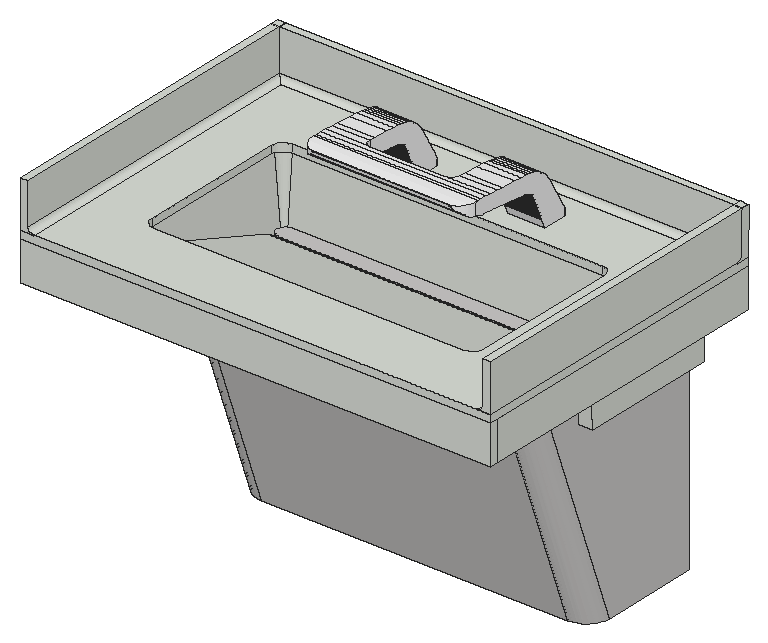
Revit family "Sink-Bradley_Corp-Omnideck_LD-3010_WashBar_Duo_1Basin", category Plumbing Fixtures, Revit 2018
Family settings
  Round Connector Dimension = Use Diameter
  Part Type = Normal
  OmniClass Number = 23.45.00.00
  OmniClass Title = Sanitary, Laundry, and Cleaning Equipment
  Work Plane-Based = No
  Always vertical = Yes
  Cut with Voids When Loaded = No
  Shared = No
  Room Calculation Point = No
Parameters (values of type "Omnideck LD-3010 WashBar Duo 1-Basin")
  Version = "1.0"
  URL = "http://bradleycorp.com"
  SplashRight [instance] = yes
  SplashLeft [instance] = yes
  Splash-Height [instance] = 3"
  Specifications URL = "https://www.bradleycorp.com/3partspec"
  Product Tech Data URL - English = "https://www.bradleycorp.com/mediamanager/view/9268/Bradley_Sink_OmniDeck_LD-3010.pdf"
  Product Page URL = "https://www.bradleycorp.com/product/omnideck-with-washbar-duo"
  OmniClass Table 23 Title = "Sinks/Lavatories"
  OmniClass Table 23 Number = "23.45 05 14 14"
  Model = "Omnideck LD 3010 WB TR1 1-Basin"
  Material-Deck [instance] = Stone - Bradley Corp - Designer White
  MasterFormat Title = "Commercial Lavatories and Sinks"
  MasterFormat Number = "22 42 16"
  Manufacturer Installation URL - English = "https://www.bradleycorp.com/mediamanager/view/9274/Terreon_Lav_Deck,_LD-3010_Series.pdf"
  Manufacturer = "Bradley Corporation"
  LENGTH [instance] = 30"
  HEIGHT [instance] = 33 1/2"
  SplashBack [instance] = yes
  Material-Basin [instance] = Stone - Bradley Corp - Designer White
  Description = "Bradley Omnideck Lavatory LD 3010 WashBar Duo One-Basin"
  DEPTH [instance] = 20 1/2"
  DIST-To-Bowl1 [instance] = 15"
  Copyright = "This Model Data is Property of Bradley Corporation"
  Assembly Code = "D2010400"
  ApronRight [instance] = yes
  ApronLeft [instance] = yes
  ApronFront [instance] = yes
  Apron-Depth [instance] = 3"
Reference planes
  plane 1 "Center (Front/Back)": y = 0
  plane 2: z = 0
  plane 3 "T.O. Deck": z = 850.9
  plane 4 "Deck Thickness": z = 838.2
  plane 5 "F.O.Deck": y = -520.7
  plane 6: z = 363.538
  plane 7 "C.O. BOWL": y = -273.05
  plane 8 "C.O.Bowl1": x = -502.85
  plane 9 "Splash-Height": z = 927.1
  plane 10 "C.O.Faucet-Soap": y = -79.375
  plane 11 "Soap-Left-Bowl2": x = 182.95
  plane 12 "Right-End": x = -121.85
  plane 13 "LEFT-END": x = -883.85
  plane 14: z = 800.1
  plane 15 "B.O. Basin": y = -127
  plane 16: x = -777.487
  plane 17: x = -228.212
  plane 18: x = -232.975
  plane 19: x = -772.725
  plane 20: y = -412.75
  plane 21: y = -133.35
  plane 22 "B.O. Apron": z = 774.7
Forms (mm)
  Extrusion 1, solid, material "Stone - Bradley Corp - Designer White" <- "Material-Deck"
    sketch origin (0, 0, 850.9) x (-1, 0, 0) y (0, -1, 0)
      loop
        line (883.85, 0) -> (883.85, 520.7) -> (121.85, 520.7) -> (121.85, 0) -> (883.85, 0)
    from 0 to -12.7
  Extrusion 2, solid, material "Stone - Bradley Corp - Designer White" <- "Material-Deck", visible <- "ApronFront", detail levels medium+fine
    sketch origin (0, 0, 838.2) x (-1, 0, 0) y (0, -1, 0)
      loop
        line (883.85, 520.7) -> (121.85, 520.7) -> (121.85, 508) -> (883.85, 508) -> (883.85, 520.7)
    from 0 to -63.5
  Extrusion 3, solid, material "Stone - Bradley Corp - Designer White" <- "Material-Deck", visible <- "ApronRight", detail levels medium+fine
    sketch origin (1713.3, 0, 838.2) x (-1, 0, 0) y (0, -1, 0)
      loop
        line (1847.85, 508) -> (1835.15, 508) -> (1835.15, 0) -> (1847.85, 0) -> (1847.85, 508)
    from 0 to -63.5
  Extrusion 4, solid, material "Stone - Bradley Corp - Designer White" <- "Material-Deck", visible <- "ApronLeft", detail levels medium+fine
    sketch origin (-579, 0, 838.2) x (-1, 0, 0) y (0, -1, 0)
      loop
        line (304.85, 508) -> (292.15, 508) -> (292.15, 0) -> (304.85, 0) -> (304.85, 508)
    from 0 to -63.5
  Extrusion 5, solid, material "Stone - Bradley Corp - Designer White" <- "Material-Deck", visible <- "SplashBack"
    sketch origin (-121.85, 0, 0) x (0, 0, -1) y (0, -1, 0)
      loop
        line (-927.1, 12.7) -> (-927.1, 0) -> (-850.9, 0) -> (-850.9, 22.225)
        arc (-850.9, 22.225) -> (-853.69, 15.49) -> (-860.425, 12.7) r 9.525
        line (-860.425, 12.7) -> (-927.1, 12.7)
    from 0 to 762 <- "LENGTH"
  Extrusion 6, solid, material "Stone - Bradley Corp - Designer White" <- "Material-Deck", visible <- "SplashLeft"
    sketch origin (0, 0, 0) x (1, 0, 0) y (0, 0, 1)
      loop
        line (-871.15, 860.425) -> (-871.15, 927.1) -> (-883.85, 927.1) -> (-883.85, 850.9) -> (-861.625, 850.9)
        arc (-861.625, 850.9) -> (-868.36, 853.69) -> (-871.15, 860.425) r 9.525
    from 0 to 520.7 <- "DEPTH"
  Extrusion 7, solid, material "Stone - Bradley Corp - Designer White" <- "Material-Deck", visible <- "SplashRight"
    sketch origin (0, 0, 0) x (1, 0, 0) y (0, 0, 1)
      loop
        line (-134.55, 927.1) -> (-134.55, 860.425)
        arc (-134.55, 860.425) -> (-137.34, 853.69) -> (-144.075, 850.9) r 9.525
        line (-144.075, 850.9) -> (-121.85, 850.9) -> (-121.85, 927.1) -> (-134.55, 927.1)
    from 0 to 520.7 <- "DEPTH"
  Extrusion 8, void
    sketch origin (0, 0, 850.9) x (-1, 0, 0) y (0, -1, 0)
      loop
        arc (251.994, 412.75) -> (238.546, 407.179) -> (232.975, 393.731) r 19.019
        line (232.975, 393.731) -> (232.975, 152.369)
        arc (232.975, 152.369) -> (238.546, 138.921) -> (251.994, 133.35) r 19.019
        line (251.994, 133.35) -> (753.675, 133.35)
        arc (753.675, 133.35) -> (767.123, 138.921) -> (772.725, 152.369) r 19.019
        line (772.725, 152.369) -> (772.694, 393.731)
        arc (772.694, 393.731) -> (767.123, 407.179) -> (753.675, 412.75) r 19.019
        line (753.675, 412.75) -> (251.994, 412.75)
    from 0 to -12.7
Cuts and joins
  Extrusion 8 cuts Extrusion 1
Dimensions and locks
  "HEIGHT": plane 3 "T.O. Deck" to level
  locked: plane 3 "T.O. Deck" to plane 4 "Deck Thickness" at 12.7
  "DEPTH": plane 5 "F.O.Deck" to plane 1 "Center (Front/Back)"
  plane 3 "T.O. Deck" to plane 6 = 19 3/16"  (x2)
  locked: plane 7 "C.O. BOWL" to plane 1 "Center (Front/Back)" at 273.05
  "Splash-Height": plane 9 "Splash-Height" to plane 3 "T.O. Deck"
  locked: plane 1 "Center (Front/Back)" to plane 10 "C.O.Faucet-Soap" at 79.375
  locked: plane 3 "T.O. Deck" to plane 14 at 50.8
  plane 16 to plane 8 "C.O.Bowl1" to plane 17 = 10 13/16", 10 13/16"
  "LENGTH": plane 13 "LEFT-END" to plane 12 "Right-End"
  "DIST-To-Bowl1": plane 13 "LEFT-END" to plane 8 "C.O.Bowl1"
  locked: plane 15 "B.O. Basin" to plane 1 "Center (Front/Back)" at 127
  plane 16 to plane 17 = 21 5/8"
  locked: plane 20 to plane 1 "Center (Front/Back)" at 412.75
  plane 8 "C.O.Bowl1" to Extrusion 8 sketch curve = 10 5/8"
  locked: Extrusion 8 to plane 8 "C.O.Bowl1" at 269.875
  locked: plane 8 "C.O.Bowl1" to Extrusion 8 at 269.875
  "Apron-Depth": plane 3 "T.O. Deck" to plane 22 "B.O. Apron"
  aligned and locked: level to plane 2
  aligned and locked: Extrusion 1 sketch curve to plane 5 "F.O.Deck"
  aligned and locked: Extrusion 1 to plane 4 "Deck Thickness"
  aligned and locked: Extrusion 1 to plane 1 "Center (Front/Back)"
  aligned and locked: plane 12 "Right-End" to Extrusion 1 sketch curve
  aligned and locked: Extrusion 2 sketch curve to plane 12 "Right-End"
  aligned and locked: plane 13 "LEFT-END" to Extrusion 2
  aligned and locked: Extrusion 6 sketch curve to plane 9 "Splash-Height"
  aligned and locked: Extrusion 7 sketch curve to plane 9 "Splash-Height"
  aligned and locked: nested 1 to plane 8 "C.O.Bowl1"
  aligned and locked: plane 1 "Center (Front/Back)" to nested 1
  aligned and locked: nested 2 to plane 8 "C.O.Bowl1"
  aligned and locked: plane 4 "Deck Thickness" to nested 2
  aligned and locked: plane 6 to nested 1
  aligned and locked: plane 5 "F.O.Deck" to Extrusion 2
  aligned and locked: plane 22 "B.O. Apron" to Extrusion 2  (x2)
  aligned and locked: Extrusion 3 to plane 22 "B.O. Apron"
  aligned and locked: Extrusion 4 to plane 22 "B.O. Apron"
  aligned and locked: plane 8 "C.O.Bowl1" to nested 3
  aligned and locked: nested 3 to plane 10 "C.O.Faucet-Soap"
  aligned and locked: plane 3 "T.O. Deck" to nested 3
Automatic sketch dimensions
  Extrusion 1 sketch curve to plane 13 "LEFT-END" = 0"
  plane 1 "Center (Front/Back)" to Extrusion 1 sketch curve = 0"
  Extrusion 2 sketch curve to plane 13 "LEFT-END" = 0"
  plane 5 "F.O.Deck" to Extrusion 2 sketch curve = 0"
  Extrusion 2 sketch curve to plane 5 "F.O.Deck" = 1/2"
  Extrusion 3 sketch curve to plane 12 "Right-End" = 0"
  plane 1 "Center (Front/Back)" to Extrusion 3 sketch curve = 0"
  Extrusion 3 sketch curve to Extrusion 3 sketch curve = 1/2"
  Extrusion 3 sketch curve to plane 5 "F.O.Deck" = 1/2"
  plane 1 "Center (Front/Back)" to Extrusion 4 sketch curve = 0"
  Extrusion 4 sketch curve to plane 13 "LEFT-END" = 0"
  Extrusion 4 sketch curve to plane 13 "LEFT-END" = 1/2"
  Extrusion 4 sketch curve to plane 5 "F.O.Deck" = 1/2"
  plane 13 "LEFT-END" to Extrusion 6 sketch curve = 0"
  Extrusion 6 sketch curve to plane 13 "LEFT-END" = 1/2"
  Extrusion 6 sketch curve to Extrusion 6 sketch curve = 3/8"
  Extrusion 5 sketch curve to plane 1 "Center (Front/Back)" = 0"
  Extrusion 5 sketch curve to plane 9 "Splash-Height" = 0"
  Extrusion 5 sketch curve to plane 3 "T.O. Deck" = 0"
  plane 3 "T.O. Deck" to Extrusion 5 sketch curve = 3/8"
  plane 1 "Center (Front/Back)" to Extrusion 5 sketch curve = 1/2"
  plane 12 "Right-End" to Extrusion 7 sketch curve = 0"
  plane 3 "T.O. Deck" to Extrusion 7 sketch curve = 3/8"
  plane 12 "Right-End" to Extrusion 7 sketch curve = 7/8"
  Extrusion 6 sketch curve to plane 3 "T.O. Deck" = 0"
  Extrusion 7 sketch curve to plane 3 "T.O. Deck" = 0"
  plane 20 to Extrusion 8 sketch curve = 0"
  plane 21 to Extrusion 8 sketch curve = 0"
  Extrusion 8 sketch curve to plane 19 = 0"
  plane 18 to Extrusion 8 sketch curve = 0.74878"  (x2)
  Extrusion 8 sketch curve to plane 19 = 3/4"
  Extrusion 8 sketch curve to Extrusion 8 sketch curve = 3/4"
  Extrusion 8 sketch curve to Extrusion 8 sketch curve = 0.74878"  (x2)
  Extrusion 8 sketch curve to Extrusion 8 sketch curve = 0"  (x2)
Nested families
  nested 1: "Access-Panel-LD5010" at (-502.85, 0, 810.323), type "Access-Panel-LD5010"
  nested 2: "Basin-Bradley_Corp-Omnideck-WashBar-LD5010" at (-437.762, 0, 0), Basin Material <- "Material-Basin", type "LVQ-1", detail levels medium+fine
    with Height 33 1/2", Basin Material Stone - Bradley Corp - Designer White
  nested 3: "Faucet-Soap-Bradley_Corp-WashBar_Duo" at (-502.85, -55.575, 850.9), type "WashBar Duo"
Definition of nested family "Access-Panel-LD5010"
  Reference planes
    plane 1 "Center (Front/Back)": y = 0
    plane 2 "T.O. Access Panel": z = 0
    plane 3 "Center (Left/Right)": x = 0
    plane 4 "B.O. Access Panel": z = -446.786
    plane 5: through (0, -339.048, 0) normal (0, 0.9397, 0.342)
    plane 6 "Bottom Perimeter": y = -198.374
    plane 7 "Top Perimeter": y = -348.488
    plane 8 "Inside-Left": x = -252.73
    plane 9 "Inside-Right": x = 252.73
    plane 10: x = -285.369
    plane 11: x = 285.369
    plane 12: z = -33.528
    plane 13: y = 214.884
    plane 14 "top edge": y = -360.667
  Forms (mm)
    Blend 1, solid
      base sketch origin (0, 0, -446.786) x (0, -1, 0) y (1, 0, 0)
        loop
          arc (195.834, -247.269) -> (185.419, -272.414) -> (160.274, -282.829) r 35.56
          line (160.274, -282.829) -> (0, -282.829) -> (0, -285.369) -> (160.274, -285.369)
          arc (160.274, -285.369) -> (187.215, -274.21) -> (198.374, -247.269) r 38.1
          line (198.374, -247.269) -> (198.374, 247.269)
          arc (198.374, 247.269) -> (187.215, 274.21) -> (160.274, 285.369) r 38.1
          line (160.274, 285.369) -> (0, 285.369) -> (0, 282.829) -> (160.274, 282.829)
          arc (160.274, 282.829) -> (185.419, 272.414) -> (195.834, 247.269) r 35.56
          line (195.834, 247.269) -> (195.834, -247.269)
      top sketch origin (0, 0, 0) x (1, 0, 0) y (0, 1, 0)
        loop
          arc (247.269, -360.667) -> (274.21, -349.508) -> (285.369, -322.567) r 38.1
          line (285.369, -322.567) -> (285.369, 0) -> (282.829, 0) -> (282.829, -322.567)
          arc (282.829, -322.567) -> (272.414, -347.712) -> (247.269, -358.127) r 35.56
          line (247.269, -358.127) -> (-247.269, -358.127)
          arc (-247.269, -358.127) -> (-272.414, -347.712) -> (-282.829, -322.567) r 35.56
          line (-282.829, -322.567) -> (-282.829, 0) -> (-285.369, 0) -> (-285.369, -322.567)
          arc (-285.369, -322.567) -> (-274.21, -349.508) -> (-247.269, -360.667) r 38.1
          line (-247.269, -360.667) -> (247.269, -360.667)
      from 0 to 0
    Extrusion 2, void
      sketch origin (0, 0, 0) x (0, 1, 0) y (0, 0, 1)
        loop
          arc (-368.237, -44.643) -> (-286.598, -9.794) -> (-198.374, 0) r 304.142
          line (-198.374, 0) -> (-198.374, 19.05) -> (-368.237, 19.05) -> (-368.237, -44.643)
      from -304.8 to 304.8
  Cuts and joins
    Extrusion 2 cuts Blend 1
  Lines and regions (mm)
    Masking region 1
      outline origin (0, 0, 0) x (1, 0, 0) y (0, 0, 1)
        loop
          line (252.73, 0) -> (-252.73, 0) -> (-252.73, -446.786) -> (252.73, -446.786) -> (252.73, 0)
    Masking region 2
      outline origin (0, 0, 0) x (0, 1, 0) y (0, 0, 1)
        loop
          line (0, -446.786) -> (0, 0) -> (-339.048, 0) -> (-178.598, -446.786) -> (0, -446.786)
    symbolic lines
      curve 1: line (0, -198.374, -446.786) -> (0, -360.667, 0)
  Dimensions and locks
    plane 10 to plane 3 "Center (Left/Right)" to plane 11 = 11.235", 11.235"
    plane 10 to plane 11 = 22.47"
    plane 6 "Bottom Perimeter" to plane 1 "Center (Front/Back)" = 7.81"
    plane 7 "Top Perimeter" to plane 1 "Center (Front/Back)" = 13.72"
    level to plane 4 "B.O. Access Panel" = 17.59"
    plane 12 to plane 4 "B.O. Access Panel" = 16.27"
    aligned and locked: plane 2 "T.O. Access Panel" to level
    aligned and locked: Masking region 2 to plane 4 "B.O. Access Panel"
    aligned and locked: Masking region 1 to plane 4 "B.O. Access Panel"
Definition of nested family "Basin-Bradley_Corp-Omnideck-WashBar-LD5010"
  Parameters (values of type "LVQ-1")
    Warranty Information = ""
    Version = "1.0"
    URL = "http://bradleycorp.com"
    Specifications URL = "https://www.bradleycorp.com/3partspec"
    Product Tech Data URL - English = "https://www.bradleycorp.com/download/4754/Bradley_Sink_Verge_LVQD1.pdf"
    Product Page URL = "http://info.bradleycorp.com/verge-washbar"
    OmniClass Table 23 Title = "Sink/Lavatories"
    OmniClass Table 23 Number = "23-31 13 00"
    OmniClass Table 21 Title = "Plumbing Fixtures"
    OmniClass Table 21 Number = "21-04 20 10 60"
    Model = "LVQD1"
    MasterFormat Title = "Commercial Lavatories and Sinks"
    MasterFormat Number = "22 42 16"
    Manufacturer Revit Model URL = ""
    Manufacturer Installation URL - English = ""
    Manufacturer = "Bradley Corporation"
    Length = 30"
    Installation Type = "Wall Hung"
    Height [instance] = 33 1/2"
    Description = "Verge™ Lavatory System w/Washbar Technology – LVQ Series, One Station"
    Depth = 21"
    Copyright = "This Model Data is Property of Bradley Corporation"
    Basin Material [instance] = none
    Assembly Code = "D2010300"
    ADA Compliant = yes
  Reference planes
    plane 1 "Center (Front/Back)": y = 0
    plane 2: z = 0
    plane 3 "Center (Left/Right)": x = -6.35
    plane 4: x = -381
    plane 5: x = 381
    plane 6 "T.O. Lav Deck": z = 850.9
    plane 7: y = -533.4
    plane 8 "B.O. Basin": y = -127
    plane 9: y = -69.85
    plane 10 "B.O. Bowl": z = 628.65
    plane 11 "Mid-Basin": y = -338.293
    plane 12 "B.O. Deck": z = 755.65
    plane 13: x = -339.725
    plane 14: x = 339.725
    plane 15: z = 342.9
    plane 16: through (358.886, -6.269, 1219.2) normal (0.9959, -0.0902, 0)
    plane 17: through (-331.911, -304.093, 1219.2) normal (-0.9959, -0.0902, 0)
    plane 18: z = 673.72
    plane 19 "Access Panel Side": through (325.941, -370.004, 1219.2) normal (0.0902, 0.9959, 0)
    plane 20 "Drain Strip-Bottom": z = 713.126
    plane 21 "Drain Strip-Top": z = 732.99
    plane 22: x = 209.55
    plane 23: x = 250.825
    plane 24: x = -65.087
  Forms (mm)
    Extrusion 1, void
      sketch origin (-6.35, 0, 0) x (0, 1, 0) y (0, 0, 1)
        loop
          line (-408.046, 820.041) -> (-169.423, 732.99)
          arc (-169.423, 732.99) -> (-167.965, 731.914) -> (-167.333, 730.215) r 3.175
          line (-167.333, 730.215) -> (-166.138, 713.126) -> (-139.054, 713.126) -> (-127.254, 847.995)
          arc (-127.254, 847.995) -> (-127.072, 848.818) -> (-126.679, 849.564) r 3.175
          arc (-126.679, 849.564) -> (-125.947, 850.347) -> (-125.029, 850.9) r 3.893
          line (-125.029, 850.9) -> (-421.71, 850.9)
          arc (-421.71, 850.9) -> (-420.703, 850.54) -> (-420.153, 849.622) r 1.588
          line (-420.153, 849.622) -> (-417.881, 838.2) -> (-416.149, 829.495)
          arc (-416.149, 829.495) -> (-413.335, 823.707) -> (-408.046, 820.041) r 12.7
      from 209.55 to -339.725
    Extrusion 2, solid, material <- "Basin Material"
      sketch origin (-6.35, 0, 0) x (0, 1, 0) y (0, 0, 1)
        loop
          line (-303.644, 755.65) -> (-296.71, 736.6) -> (-230.339, 736.6) -> (-224.838, 673.72) -> (0, 673.72) -> (0, 838.2) -> (-455.981, 838.2) -> (-455.13, 828.476)
          arc (-455.13, 828.476) -> (-454.258, 826.372) -> (-452.154, 825.5) r 2.976
          line (-452.154, 825.5) -> (-442.096, 825.5) -> (-438.272, 825.5)
          arc (-438.272, 825.5) -> (-433.142, 824.001) -> (-429.627, 819.974) r 9.525
          arc (-429.627, 819.974) -> (-423.03, 810.934) -> (-413.466, 805.12) r 28.575
          line (-413.466, 805.12) -> (-349.705, 781.914)
          arc (-349.705, 781.914) -> (-347.387, 780.438) -> (-345.91, 778.119) r 6.35
          line (-345.91, 778.119) -> (-337.732, 755.65) -> (-303.644, 755.65)
      from 250.825 to -355.6
    Extrusion 3, solid
      sketch origin (0, 0, 732.99) x (0, -1, 0) y (1, 0, 0)
        loop
          arc (165.856, 181.191) -> (152.309, 194.738) -> (138.763, 181.191) r 13.546
          line (138.763, 181.191) -> (138.763, -311.366)
          arc (138.763, -311.366) -> (152.309, -324.913) -> (165.856, -311.366) r 13.546
          line (165.856, -311.366) -> (165.856, 181.191)
      from 0 to -9.525
    Sweep 4, solid, material <- "Basin Material"
      path origin (0, 0, 850.9) x (-1, 0, 0) y (0, -1, 0)
        loop
          arc (320.675, 125.029) -> (334.145, 130.609) -> (339.725, 144.079) r 19.05
          line (339.725, 144.079) -> (339.725, 401.913)
          arc (339.725, 401.913) -> (334.145, 415.383) -> (320.675, 420.963) r 19.05
      profile "Inner-Bowl-Surface : Inner-Bowl-Surface" origin (-334.145, -130.609, 850.9) x (0.707107, -0.707107, 0) y (0, 0, 1)
        loop
          line (14.025, -137.774) -> (3.082, -12.7) -> (-8.043, -12.7) -> (-8.043, -137.774) -> (14.025, -137.774)
    Extrusion 5, void
      sketch origin (30.588, -337.712, 0) x (0.995923, 0.090206, 0) y (0, 0, -1)
        loop
          line (-334.704, -666.251) -> (-375.446, -655.793) -> (-400.724, -754.265) -> (-357.297, -754.265) -> (-334.704, -666.251)
      from 381 to -139.035
    Extrusion 6, void
      sketch origin (-160.763, -337.712, 0) x (-0.995923, 0.090206, 0) y (0, 0, 1)
        loop
          line (-334.704, 666.251) -> (-357.297, 754.265) -> (-400.724, 754.265) -> (-375.446, 655.793) -> (-334.704, 666.251)
      from 381 to -139.035
    Sweep 7, solid, material <- "Basin Material"
      path origin (-130.175, 0, 850.9) x (1, 0, 0) y (0, -1, 0)
        loop
          arc (320.675, 125.029) -> (334.145, 130.609) -> (339.725, 144.079) r 19.05
          line (339.725, 144.079) -> (339.725, 401.913)
          arc (339.725, 401.913) -> (334.145, 415.383) -> (320.675, 420.963) r 19.05
      profile "Inner-Bowl-Surface : Inner-Bowl-Surface" origin (203.97, -130.609, 850.9) x (0.707107, 0.707107, 0) y (0, 0, 1)
        loop
          line (-14.025, -137.774) -> (8.043, -137.774) -> (8.043, -12.7) -> (-3.082, -12.7) -> (-14.025, -137.774)
    Extrusion 8, void
      sketch origin (-6.35, 0, 0) x (0, 1, 0) y (0, 0, 1)
        loop
          line (-429.005, 818.712) -> (-429.005, 754.265) -> (-337.228, 754.265) -> (-345.91, 778.119)
          arc (-345.91, 778.119) -> (-347.387, 780.438) -> (-349.705, 781.914) r 6.35
          line (-349.705, 781.914) -> (-413.466, 805.12)
          arc (-413.466, 805.12) -> (-422.506, 810.464) -> (-429.005, 818.712) r 28.575
      from -355.6 to -228.6
    Extrusion 9, void
      sketch origin (-123.825, 0, 0) x (0, 1, 0) y (0, 0, -1)
        loop
          arc (-429.005, -818.712) -> (-422.506, -810.464) -> (-413.466, -805.12) r 28.575
          line (-413.466, -805.12) -> (-349.705, -781.914)
          arc (-349.705, -781.914) -> (-347.387, -780.438) -> (-345.91, -778.119) r 6.35
          line (-345.91, -778.119) -> (-337.228, -754.265) -> (-429.005, -754.265) -> (-429.005, -818.712)
      from -355.6 to -228.6
  Cuts and joins
    Extrusion 1, Extrusion 9 cuts Extrusion 2
    Extrusion 5, Extrusion 8, Extrusion 9 cuts Sweep 4
    Extrusion 6, Extrusion 9 cuts Sweep 7
    joined: Extrusion 2, Sweep 4, Sweep 7
  Lines and regions (mm)
    symbolic lines
      curve 1: line (-111.125, -125.029, 732.99) -> (111.125, -125.029, 732.99)
      curve 2: line (-327.438, -169.418, 732.99) -> (-337.148, -474.345, 732.99)
      curve 3: arc (-311.366, -138.763, 732.99) -> (-324.913, -152.309, 732.99) -> (-311.366, -165.856, 732.99) r 13.546
      curve 4: arc (-320.675, -139.054, 732.99) -> (-324.229, -140.526, 732.99) -> (-325.7, -144.079, 732.99) r 5.025
      curve 5: line (-325.7, -144.079, 732.99) -> (-325.7, -166.138, 732.99)
      curve 6: line (-325.7, -166.138, 732.99) -> (-327.196, -167.333, 732.99)
      curve 7: spline (-327.196, -167.333, 732.99) -> (-327.222, -167.367, 732.99) -> (-327.248, -167.431, 732.99) -> (-327.274, -167.524, 732.99) -> (-327.298, -167.644, 732.99) -> (-327.322, -167.79, 732.99) -> (-327.344, -167.962, 732.99) -> (-327.364, -168.157, 732.99) -> (-327.383, -168.375, 732.99) -> (-327.4, -168.612, 732.99) -> (-327.415, -168.866, 732.99) -> (-327.428, -169.136, 732.99) -> (-327.438, -169.418, 732.99)
      curve 8: line (-171.45, -139.054, 732.99) -> (-320.675, -139.054, 732.99)
      curve 9: line (-171.45, -166.138, 732.99) -> (-325.7, -166.138, 732.99)
      curve 10: line (111.125, -139.054, 732.99) -> (-111.125, -139.054, 732.99)
      curve 11: line (111.125, -166.138, 732.99) -> (-111.125, -166.138, 732.99)
  Dimensions and locks
    "Length": plane 4 to plane 5
    plane 6 "T.O. Lav Deck" to plane 2 = 33 1/2"
    "Depth": plane 7 to plane 1 "Center (Front/Back)"
    locked: plane 8 "B.O. Basin" to plane 1 "Center (Front/Back)" at 127
    locked: plane 9 to plane 1 "Center (Front/Back)" at 69.85
    plane 6 "T.O. Lav Deck" to plane 10 "B.O. Bowl" = 8 3/4"
    locked: plane 6 "T.O. Lav Deck" to plane 12 "B.O. Deck" at 95.25
    locked: plane 6 "T.O. Lav Deck" to plane 10 "B.O. Bowl" at 222.25
    locked: plane 13 to plane 14 at 679.45
    locked: plane 6 "T.O. Lav Deck" to plane 15 at 508
    locked: plane 6 "T.O. Lav Deck" to plane 21 "Drain Strip-Top" at 117.91
    plane 13 to plane 22 = 21 5/8"
    plane 3 "Center (Left/Right)" to plane 23 = 10 1/8"
    equal spacing: plane 13, plane 24, plane 22
    cut or joined group of Extrusion 1, Extrusion 2, Sweep 4, Extrusion 5, Extrusion 6, Sweep 7, Extrusion 8, Extrusion 9 to plane 8 "B.O. Basin" = 11.452"
    aligned and locked: level to plane 2
  Automatic sketch dimensions
    Extrusion 1 sketch curve to plane 6 "T.O. Lav Deck" = 0"  (x2)
    Extrusion 1 sketch curve to plane 21 "Drain Strip-Top" = 0"
    Extrusion 1 sketch curve to plane 20 "Drain Strip-Bottom" = 0"
    Extrusion 1 sketch curve to plane 6 "T.O. Lav Deck" = 1/16"
    Extrusion 1 sketch curve to plane 11 "Mid-Basin" = 3.28412"
    Extrusion 1 sketch curve to plane 6 "T.O. Lav Deck" = 0.05031"
    Extrusion 1 sketch curve to plane 6 "T.O. Lav Deck" = 1/2"
    Extrusion 1 sketch curve to Extrusion 1 sketch curve = 0.08945"
    Extrusion 1 sketch curve to plane 6 "T.O. Lav Deck" = 0.84273"
    Extrusion 1 sketch curve to Extrusion 1 sketch curve = 0.06817"
    Extrusion 1 sketch curve to plane 6 "T.O. Lav Deck" = 1.21491"
    Extrusion 1 sketch curve to Extrusion 1 sketch curve = 0.31904"
    Extrusion 1 sketch curve to Extrusion 1 sketch curve = 0.17136"
    Extrusion 1 sketch curve to plane 21 "Drain Strip-Top" = 0.11758"
    plane 8 "B.O. Basin" to Extrusion 1 sketch curve = 1.71261"
    Extrusion 1 sketch curve to Extrusion 1 sketch curve = 0.04243"
    Extrusion 1 sketch curve to plane 21 "Drain Strip-Top" = 0.10923"
    Extrusion 1 sketch curve to Extrusion 1 sketch curve = 0.04705"
    plane 8 "B.O. Basin" to Extrusion 1 sketch curve = 0.47455"
    plane 8 "B.O. Basin" to Extrusion 1 sketch curve = 0.01001"
    Extrusion 1 sketch curve to plane 8 "B.O. Basin" = 0.07759"
    Extrusion 1 sketch curve to plane 8 "B.O. Basin" = 0.11454"
    Extrusion 1 sketch curve to Extrusion 1 sketch curve = 0.02338"
    Extrusion 1 sketch curve to plane 6 "T.O. Lav Deck" = 0.14089"
    Extrusion 1 sketch curve to Extrusion 1 sketch curve = 0.01589"
    Extrusion 1 sketch curve to Extrusion 1 sketch curve = 0.01063"
    Extrusion 1 sketch curve to Extrusion 1 sketch curve = 0"
    Extrusion 2 sketch curve to plane 12 "B.O. Deck" = 0"
    Extrusion 2 sketch curve to plane 18 = 0"
    Extrusion 2 sketch curve to plane 1 "Center (Front/Back)" = 0"
    plane 8 "B.O. Basin" to Extrusion 2 sketch curve = 3.85189"
    plane 21 "Drain Strip-Top" to Extrusion 2 sketch curve = 0.14213"
    Extrusion 2 sketch curve to Extrusion 2 sketch curve = 0.21658"
    plane 11 "Mid-Basin" to Extrusion 2 sketch curve = 1.63712"
    Extrusion 2 sketch curve to Extrusion 2 sketch curve = 0.27298"
    plane 11 "Mid-Basin" to Extrusion 2 sketch curve = 0.02211"
    Extrusion 2 sketch curve to plane 11 "Mid-Basin" = 0.29987"
    Extrusion 2 sketch curve to Extrusion 2 sketch curve = 0.14942"
    Extrusion 2 sketch curve to Extrusion 2 sketch curve = 0.23492"
    Extrusion 2 sketch curve to plane 6 "T.O. Lav Deck" = 0.74519"
    Extrusion 2 sketch curve to plane 11 "Mid-Basin" = 2.5748"
    Extrusion 2 sketch curve to Extrusion 2 sketch curve = 0.38476"
    Extrusion 2 sketch curve to Extrusion 2 sketch curve = 0.97662"
    Extrusion 2 sketch curve to Extrusion 2 sketch curve = 0.15054"
    Extrusion 2 sketch curve to Extrusion 2 sketch curve = 0.39599"
    Extrusion 2 sketch curve to plane 6 "T.O. Lav Deck" = 0.88283"
    Extrusion 2 sketch curve to Extrusion 2 sketch curve = 0.11717"
    Extrusion 2 sketch curve to plane 6 "T.O. Lav Deck" = 1/2"
    Extrusion 2 sketch curve to Extrusion 2 sketch curve = 0.03349"
    plane 12 "B.O. Deck" to Extrusion 2 sketch curve = 0.79911"
    Extrusion 2 sketch curve to Extrusion 2 sketch curve = 0.08551"
    Extrusion 2 sketch curve to Extrusion 2 sketch curve = 1.05716"
    Extrusion 2 sketch curve to Extrusion 2 sketch curve = 3/8"
    plane 8 "B.O. Basin" to Extrusion 3 sketch curve = 0.46311"
    Extrusion 3 sketch curve to Extrusion 3 sketch curve = 0.53332"
    plane 13 to Extrusion 3 sketch curve = 1.11648"
    Extrusion 3 sketch curve to plane 22 = 1.11648"
    Sweep 4 sketch curve to plane 13 = 0"
    Sweep 4 sketch curve to Sweep 4 sketch curve = 3/4"  (x2)
    plane 8 "B.O. Basin" to Sweep 4 sketch curve = 0.67241"
    Sweep 4 sketch curve to plane 11 "Mid-Basin" = 2.50471"
    Extrusion 5 sketch curve to plane 12 "B.O. Deck" = 0.05451"
    plane 17 to Extrusion 5 sketch curve = 1.68249"
    plane 17 to Extrusion 5 sketch curve = 0.68729"
    Extrusion 5 sketch curve to plane 17 = 0.02722"
    Extrusion 5 sketch curve to plane 18 = 0.29406"
    plane 8 "B.O. Basin" to curve 8 = 0.47455"
    curve 8 to curve 4 = 0.19785"
    curve 4 to curve 3 = 0.32403"
    plane 13 to curve 6 = 0.55215"
    curve 3 to curve 6 = 0.54441"
    plane 13 to curve 2 = 0.48373"
    curve 5 to curve 2 = 0.12916"
    curve 4 to curve 3 = 0.36648"
    plane 8 "B.O. Basin" to curve 10 = 0.47455"
    curve 3 to curve 4 = 0.01144"
    curve 1 to plane 8 "B.O. Basin" = 0.07759"
    curve 10 to curve 11 = 1.06629"
    curve 5 to curve 7 = 0.04679"
    plane 13 to curve 6 = 0.49328"
    curve 7 to curve 6 = 0.00026"
    curve 6 to curve 7 = 0"  (x2)
    curve 2 to curve 7 = 0.04304"
    plane 13 to curve 2 = 0.10147"
    curve 2 to plane 7 = 2.325"
    curve 9 to plane 24 = 4 3/16"
    curve 8 to curve 9 = 0"
    curve 1 to plane 24 = 1 13/16"
    curve 10 to curve 1 = 0"  (x2)
    curve 11 to curve 10 = 0"
    curve 11 to plane 22 = 3 7/8"
    curve 1 to curve 11 = 0"
    Extrusion 6 sketch curve to plane 12 "B.O. Deck" = 0.05451"
    Extrusion 6 sketch curve to plane 16 = 3.42162"
    Extrusion 6 sketch curve to plane 18 = 0.70581"
    Extrusion 6 sketch curve to Extrusion 6 sketch curve = 0.9952"
    Extrusion 6 sketch curve to Extrusion 6 sketch curve = 1.70971"
    Sweep 7 sketch curve to plane 22 = 0"
    plane 22 to Sweep 7 sketch curve = 3/4"  (x2)
    Sweep 7 sketch curve to plane 8 "B.O. Basin" = 0.67241"
    plane 11 "Mid-Basin" to Sweep 7 sketch curve = 2.50471"
    Extrusion 8 sketch curve to plane 12 "B.O. Deck" = 0.05451"
    Extrusion 8 sketch curve to plane 11 "Mid-Basin" = 3.57134"
    Extrusion 8 sketch curve to plane 6 "T.O. Lav Deck" = 1.80235"
    Extrusion 8 sketch curve to Extrusion 8 sketch curve = 0.61178"
    Extrusion 8 sketch curve to plane 6 "T.O. Lav Deck" = 0.74519"
    Extrusion 8 sketch curve to Extrusion 8 sketch curve = 0.99654"
    Extrusion 8 sketch curve to plane 11 "Mid-Basin" = 0.53479"
    Extrusion 8 sketch curve to Extrusion 8 sketch curve = 0.0855"
    Extrusion 8 sketch curve to Extrusion 8 sketch curve = 0.14942"
    plane 11 "Mid-Basin" to Extrusion 8 sketch curve = 0.04195"
    plane 12 "B.O. Deck" to Extrusion 8 sketch curve = 0.79911"
    Extrusion 8 sketch curve to Extrusion 8 sketch curve = 0.08551"
    Extrusion 9 sketch curve to plane 12 "B.O. Deck" = 0.05451"
    Extrusion 9 sketch curve to plane 11 "Mid-Basin" = 3.57134"
    Extrusion 9 sketch curve to plane 6 "T.O. Lav Deck" = 1.80235"
    Extrusion 9 sketch curve to Extrusion 9 sketch curve = 0.61178"
    Extrusion 9 sketch curve to plane 6 "T.O. Lav Deck" = 0.74519"
    Extrusion 9 sketch curve to Extrusion 9 sketch curve = 0.99654"
    Extrusion 9 sketch curve to plane 11 "Mid-Basin" = 0.53479"
    Extrusion 9 sketch curve to Extrusion 9 sketch curve = 0.0855"
    Extrusion 9 sketch curve to Extrusion 9 sketch curve = 0.14942"  (x2)
    plane 11 "Mid-Basin" to Extrusion 9 sketch curve = 0.04195"
    plane 12 "B.O. Deck" to Extrusion 9 sketch curve = 1.03403"
Definition of nested family "Faucet-Soap-Bradley_Corp-WashBar_Duo"
  Parameters (values of type "WashBar Duo")
    Washbar Material = none
    Version = "1.0"
    Specifications URL = ""
    Product Tech Data URL - Spanish = ""
    Product Tech Data URL - English = ""
    Product Page URL = ""
    OmniClass Table 23 Title = ""
    OmniClass Table 23 Number = ""
    Model = "Bradley Washbar Duo"
    MasterFormat Title = ""
    MasterFormat Number = ""
    Manufacturer Revit Model URL = ""
    Manufacturer Installation URL - English = ""
    ADA Compliant = yes
  Reference planes
    plane 1 "B.O. Washbar": y = 0
    plane 2 "T.O. Deck": z = 0
    plane 3 "Center (Left/Right)": x = 0
    plane 4: x = -146.108
    plane 5: x = 196.73
    plane 6: y = -158.79
    plane 7 "Washbar-Front": y = -209.362
    plane 8 "C.O. Faucet Connection": y = -23.8
    plane 9 "Washbar-Left": x = -133.35
    plane 10 "Edge-Left-Inside": x = -73.025
    plane 11 "Washbar-Right": x = 133.35
    plane 12 "Edge-Right-Inside": x = 73.025
    plane 13 "Wall - LVA Placement": y = 46.05
    plane 14 "Deck Hole-Left": x = -101.6
    plane 15 "Deck Hole-Right": x = 101.6
  Forms (mm)
    Extrusion 1, solid, material <- "Washbar Material"
      sketch origin (0, 0, 0) x (0, 1, 0) y (0, 0, 1)
        loop
          line (0, 0) -> (-2.908, 4.966) -> (-5.773, 9.932) -> (-8.618, 14.91) -> (-11.463, 19.889) -> (-14.314, 24.864) -> (-17.167, 29.837) -> (-20.018, 34.812) -> (-22.861, 39.791) -> (-25.688, 44.78) -> (-28.496, 49.779) -> (-31.292, 54.785) -> (-34.089, 59.79) -> (-36.95, 64.758) -> (-39.964, 69.629) -> (-43.269, 74.306) -> (-47.037, 78.624) -> (-51.367, 82.378) -> (-56.197, 85.441) -> (-61.4, 87.831) -> (-66.841, 89.634) -> (-72.414, 90.982) -> (-78.054, 92) -> (-83.73, 92.78) -> (-93.767, 93.856) -> (-108.192, 94.754) -> (-131.905, 96.037) -> (-142.274, 96.655) -> (-156.34, 97.542) -> (-165.831, 98.099) -> (-175.514, 98.578) -> (-180.82, 98.735)
          arc (-180.82, 98.735) -> (-194.876, 98.272) -> (-208.766, 96.06) r 112.569
          arc (-208.766, 96.06) -> (-209.25, 95.713) -> (-209.336, 95.123) r 0.762
          line (-209.336, 95.123) -> (-207.999, 90.022) -> (-199.479, 84.056) -> (-199.951, 82.514) -> (-173.927, 74.558)
          arc (-173.927, 74.558) -> (-173.403, 74.645) -> (-173.073, 75.06) r 0.741
          arc (-173.073, 75.06) -> (-172.338, 75.841) -> (-171.268, 75.922) r 1.482
          line (-171.268, 75.922) -> (-167.709, 75.516) -> (-166.749, 75.407) -> (-165.658, 75.283) -> (-164.439, 75.144) -> (-163.095, 74.99) -> (-161.633, 74.824) -> (-160.062, 74.645) -> (-158.394, 74.455) -> (-156.64, 74.255) -> (-154.816, 74.047) -> (-152.944, 73.834) -> (-151.044, 73.618) -> (-149.135, 73.4) -> (-147.228, 73.183) -> (-145.323, 72.966) -> (-143.417, 72.749) -> (-141.511, 72.531) -> (-139.604, 72.314) -> (-137.698, 72.097) -> (-135.792, 71.88) -> (-133.885, 71.662) -> (-131.979, 71.445) -> (-130.073, 71.228) -> (-128.167, 71.011) -> (-126.261, 70.793) -> (-124.355, 70.576) -> (-122.449, 70.359) -> (-120.544, 70.142) -> (-118.638, 69.925) -> (-116.733, 69.707) -> (-114.828, 69.49) -> (-112.923, 69.273) -> (-111.018, 69.056) -> (-109.113, 68.84) -> (-107.208, 68.623) -> (-105.303, 68.406) -> (-103.399, 68.187) -> (-101.495, 67.968) -> (-99.592, 67.75) -> (-97.688, 67.537) -> (-95.784, 67.329) -> (-93.88, 67.121) -> (-91.978, 66.902) -> (-90.079, 66.662) -> (-88.184, 66.397) -> (-86.292, 66.108) -> (-82.884, 65.553) -> (-79.277, 64.113) -> (-78.238, 63.616) -> (-77.232, 63.054) -> (-76.256, 62.439) -> (-75.313, 61.779) -> (-74.409, 61.07) -> (-73.547, 60.309) -> (-72.709, 59.47) -> (-71.919, 58.566) -> (-71.203, 57.597) -> (-70.573, 56.565) -> (-70.017, 55.487) -> (-69.523, 54.38) -> (-69.066, 53.258) -> (-68.62, 52.13) -> (-68.162, 51.007) -> (-67.688, 49.891) -> (-67.206, 48.777) -> (-66.723, 47.664) -> (-66.243, 46.549) -> (-65.767, 45.432) -> (-65.293, 44.315) -> (-64.819, 43.198) -> (-64.343, 42.081) -> (-63.867, 40.964) -> (-63.39, 39.847) -> (-62.913, 38.731) -> (-62.435, 37.615) -> (-61.958, 36.498) -> (-61.48, 35.382) -> (-61.003, 34.265) -> (-60.526, 33.149) -> (-60.048, 32.032) -> (-59.571, 30.916) -> (-59.093, 29.799) -> (-58.615, 28.683) -> (-58.137, 27.567) -> (-57.659, 26.45) -> (-57.18, 25.334) -> (-56.702, 24.218) -> (-56.224, 23.101) -> (-55.745, 21.985) -> (-55.267, 20.869) -> (-54.788, 19.753) -> (-54.309, 18.637) -> (-53.83, 17.521) -> (-53.351, 16.405) -> (-52.872, 15.289) -> (-52.393, 14.173) -> (-46.304, 0) -> (0, 0)
      from -133.35 to 133.35
    Extrusion 2, void
      sketch origin (39.688, 0, 0) x (1, 0, 0) y (0, 1, 0)
        loop
          arc (-112.712, -143.55) -> (-108.249, -154.327) -> (-97.472, -158.79) r 15.24
          line (-97.472, -158.79) -> (-39.687, -158.79) -> (-39.687, 3.175) -> (-139.7, 3.175) -> (-139.7, -0.053)
          arc (-139.7, -0.053) -> (-126.323, -1.851) -> (-113.484, -6.013) r 75.153
          arc (-113.484, -6.013) -> (-112.923, -6.481) -> (-112.712, -7.181) r 1.27
          line (-112.712, -7.181) -> (-112.712, -143.55)
      from 0 to 152.4
    Extrusion 3, void
      sketch origin (39.688, 0, 0) x (1, 0, 0) y (0, 1, 0)
        loop
          line (-175.637, 3.175) -> (-175.637, -7.181) -> (-173.037, -7.181)
          arc (-173.037, -7.181) -> (-172.827, -6.481) -> (-172.266, -6.013) r 1.27
          arc (-172.266, -6.013) -> (-159.427, -1.851) -> (-146.05, -0.053) r 75.153
          line (-146.05, -0.053) -> (-146.05, 3.175) -> (-175.637, 3.175)
      from 0 to 50.8
    Extrusion 4, void
      sketch origin (37.934, 0, 0) x (1, 0, 0) y (0, 1, 0)
        loop
          line (-179.186, -186.859) -> (-179.186, -215.881) -> (-149.537, -215.881) -> (-149.537, -209.122)
          arc (-149.537, -209.122) -> (-164.22, -201.711) -> (-171.284, -186.859) r 25.4
          line (-171.284, -186.859) -> (-179.186, -186.859)
      from 0 to 153.722
    Extrusion 5, void
      sketch origin (-37.934, 0, 0) x (-1, 0, 0) y (0, -1, 0)
        loop
          line (-179.186, 186.859) -> (-171.284, 186.859)
          arc (-171.284, 186.859) -> (-164.22, 201.711) -> (-149.537, 209.122) r 25.4
          line (-149.537, 209.122) -> (-149.537, 215.881) -> (-179.186, 215.881) -> (-179.186, 186.859)
      from 0 to 153.722
    Extrusion 6, void
      sketch origin (-39.687, 0, 0) x (-1, 0, 0) y (0, -1, 0)
        loop
          line (-112.712, 143.55) -> (-112.712, 7.181)
          arc (-112.712, 7.181) -> (-112.923, 6.481) -> (-113.484, 6.013) r 1.27
          arc (-113.484, 6.013) -> (-126.323, 1.851) -> (-139.7, 0.053) r 75.153
          line (-139.7, 0.053) -> (-139.7, -3.175) -> (-39.687, -3.175) -> (-39.687, 158.79) -> (-97.472, 158.79)
          arc (-97.472, 158.79) -> (-108.249, 154.327) -> (-112.712, 143.55) r 15.24
      from 0 to 152.4
    Extrusion 7, void
      sketch origin (-39.687, 0, 0) x (-1, 0, 0) y (0, -1, 0)
        loop
          line (-175.637, -3.175) -> (-146.05, -3.175) -> (-146.05, 0.053)
          arc (-146.05, 0.053) -> (-159.427, 1.851) -> (-172.266, 6.013) r 75.153
          arc (-172.266, 6.013) -> (-172.827, 6.481) -> (-173.037, 7.181) r 1.27
          line (-173.037, 7.181) -> (-175.637, 7.181) -> (-175.637, -3.175)
      from 0 to 50.8
  Cuts and joins
    Extrusion 2, Extrusion 3, Extrusion 4, Extrusion 5, Extrusion 6, Extrusion 7 cuts Extrusion 1
  Lines and regions (mm)
    Masking region 1
      outline origin (0, 0, 0) x (1, 0, 0) y (0, 1, 0)
        loop
          arc (107.95, -209.362) -> (125.911, -201.923) -> (133.35, -183.962) r 25.4
          line (133.35, -183.962) -> (133.35, -7.2)
          arc (133.35, -7.2) -> (133.14, -6.5) -> (132.579, -6.032) r 1.27
          arc (132.579, -6.032) -> (118.187, -1.534) -> (103.188, 0) r 75.153
          arc (103.188, 0) -> (88.188, -1.534) -> (73.796, -6.032) r 75.153
          arc (73.796, -6.032) -> (73.235, -6.5) -> (73.025, -7.2) r 1.27
          line (73.025, -7.2) -> (73.025, -143.55)
          arc (73.025, -143.55) -> (68.561, -154.327) -> (57.785, -158.79) r 15.24
          line (57.785, -158.79) -> (-57.785, -158.79)
          arc (-57.785, -158.79) -> (-68.561, -154.327) -> (-73.025, -143.55) r 15.24
          line (-73.025, -143.55) -> (-73.025, -7.2)
          arc (-73.025, -7.2) -> (-73.235, -6.5) -> (-73.796, -6.032) r 1.27
          arc (-73.796, -6.032) -> (-88.188, -1.534) -> (-103.187, 0) r 75.153
          arc (-103.187, 0) -> (-118.187, -1.534) -> (-132.579, -6.032) r 75.153
          arc (-132.579, -6.032) -> (-133.14, -6.5) -> (-133.35, -7.2) r 1.27
          line (-133.35, -7.2) -> (-133.35, -183.962)
          arc (-133.35, -183.962) -> (-125.911, -201.923) -> (-107.95, -209.362) r 25.4
          line (-107.95, -209.362) -> (107.95, -209.362)
    Masking region 2
      outline origin (0, 0, 0) x (0, 1, 0) y (0, 0, 1)
        loop
          line (-108.192, 94.754) -> (-131.905, 96.037) -> (-142.274, 96.655) -> (-156.34, 97.542) -> (-172.427, 98.487) -> (-180.82, 98.735)
          arc (-180.82, 98.735) -> (-194.876, 98.272) -> (-208.766, 96.06) r 112.569
          arc (-208.766, 96.06) -> (-209.25, 95.713) -> (-209.336, 95.123) r 0.762
          line (-209.336, 95.123) -> (-207.999, 90.022) -> (-199.479, 84.056) -> (-199.951, 82.514) -> (-173.927, 74.558)
          arc (-173.927, 74.558) -> (-173.437, 74.627) -> (-173.1, 74.988) r 0.741
          arc (-173.1, 74.988) -> (-172.372, 75.824) -> (-171.268, 75.922) r 1.482
          line (-171.268, 75.922) -> (-167.709, 75.516) -> (-166.749, 75.407) -> (-165.658, 75.283) -> (-164.439, 75.144) -> (-163.095, 74.99) -> (-161.633, 74.824) -> (-160.062, 74.645) -> (-158.394, 74.455) -> (-156.64, 74.255) -> (-154.816, 74.047) -> (-152.944, 73.834) -> (-151.044, 73.618) -> (-149.135, 73.4) -> (-147.228, 73.183) -> (-145.323, 72.966) -> (-143.417, 72.749) -> (-141.511, 72.531) -> (-139.604, 72.314) -> (-137.698, 72.097) -> (-135.792, 71.88) -> (-133.885, 71.662) -> (-131.979, 71.445) -> (-130.073, 71.228) -> (-128.167, 71.011) -> (-126.261, 70.793) -> (-124.355, 70.576) -> (-122.449, 70.359) -> (-120.544, 70.142) -> (-118.638, 69.925) -> (-116.733, 69.707) -> (-114.828, 69.49) -> (-112.923, 69.273) -> (-111.018, 69.056) -> (-109.113, 68.84) -> (-107.208, 68.623) -> (-105.303, 68.406) -> (-103.399, 68.187) -> (-101.495, 67.968) -> (-99.592, 67.75) -> (-97.688, 67.537) -> (-95.784, 67.329) -> (-93.88, 67.121) -> (-91.978, 66.902) -> (-90.079, 66.662) -> (-88.184, 66.397) -> (-86.292, 66.108) -> (-82.884, 65.553) -> (-79.277, 64.113) -> (-78.238, 63.616) -> (-77.232, 63.054) -> (-76.256, 62.439) -> (-75.313, 61.779) -> (-74.409, 61.07) -> (-73.547, 60.309) -> (-72.709, 59.47) -> (-71.919, 58.566) -> (-71.203, 57.597) -> (-70.573, 56.565) -> (-70.017, 55.487) -> (-69.523, 54.38) -> (-69.066, 53.258) -> (-68.62, 52.13) -> (-68.162, 51.007) -> (-67.688, 49.891) -> (-67.206, 48.777) -> (-66.723, 47.664) -> (-66.243, 46.549) -> (-65.767, 45.432) -> (-65.293, 44.315) -> (-64.819, 43.198) -> (-64.343, 42.081) -> (-63.867, 40.964) -> (-63.39, 39.847) -> (-62.913, 38.731) -> (-62.435, 37.615) -> (-61.958, 36.498) -> (-61.48, 35.382) -> (-61.003, 34.265) -> (-60.526, 33.149) -> (-60.048, 32.032) -> (-59.571, 30.916) -> (-59.093, 29.799) -> (-58.615, 28.683) -> (-58.137, 27.567) -> (-57.659, 26.45) -> (-57.18, 25.334) -> (-56.702, 24.218) -> (-56.224, 23.101) -> (-55.745, 21.985) -> (-55.267, 20.869) -> (-54.788, 19.753) -> (-54.309, 18.637) -> (-53.83, 17.521) -> (-53.351, 16.405) -> (-52.872, 15.289) -> (-52.393, 14.173) -> (-46.304, 0) -> (-0.099, 0) -> (-8.618, 14.91) -> (-11.463, 19.889) -> (-14.314, 24.864) -> (-17.167, 29.837) -> (-20.018, 34.812) -> (-22.861, 39.791) -> (-25.688, 44.78) -> (-28.496, 49.779) -> (-31.292, 54.785) -> (-34.089, 59.79) -> (-36.95, 64.758) -> (-39.964, 69.629) -> (-43.269, 74.306) -> (-47.037, 78.624) -> (-51.367, 82.378) -> (-56.197, 85.441) -> (-61.4, 87.831) -> (-66.841, 89.634) -> (-72.414, 90.982) -> (-78.054, 92) -> (-83.73, 92.78) -> (-93.767, 93.856) -> (-108.192, 94.754)
    Masking region 3
      outline origin (0, 0, 0) x (1, 0, 0) y (0, 0, 1)
        loop
          line (-133.35, 98.578) -> (-133.35, 0) -> (-73.025, 0) -> (-73.025, 72.749)
          arc (-73.025, 72.749) -> (-71.739, 73.414) -> (-70.332, 73.756) r 6.06
          arc (-70.332, 73.756) -> (-64.07, 74.314) -> (-57.785, 74.5) r 106.159
          line (-57.785, 74.5) -> (57.785, 74.5)
          arc (57.785, 74.5) -> (64.07, 74.314) -> (70.332, 73.756) r 106.159
          arc (70.332, 73.756) -> (71.739, 73.414) -> (73.025, 72.749) r 6.06
          line (73.025, 72.749) -> (73.025, 0) -> (133.35, 0) -> (133.35, 98.578) -> (-133.35, 98.578)
    symbolic lines
      curve 1: line (133.35, 0, 74.5) -> (-133.35, 0, 74.5)
  Dimensions and locks
    plane 8 "C.O. Faucet Connection" to plane 1 "B.O. Washbar" = 0.937"
    locked: plane 9 "Washbar-Left" to plane 11 "Washbar-Right" at 266.7
    locked: plane 9 "Washbar-Left" to plane 10 "Edge-Left-Inside" at 60.325
    plane 9 "Washbar-Left" to plane 3 "Center (Left/Right)" to plane 11 "Washbar-Right" = 5 1/4", 5 1/4"
    locked: plane 12 "Edge-Right-Inside" to plane 11 "Washbar-Right" at 60.325
    locked: plane 8 "C.O. Faucet Connection" to plane 13 "Wall - LVA Placement" at 69.85
    plane 9 "Washbar-Left" to plane 14 "Deck Hole-Left" to plane 10 "Edge-Left-Inside" = 1 1/4", 1 1/8"
    locked: plane 14 "Deck Hole-Left" to plane 15 "Deck Hole-Right" at 203.2
    plane 12 "Edge-Right-Inside" to plane 15 "Deck Hole-Right" to plane 11 "Washbar-Right" = 1 1/8", 1 1/4"
    aligned and locked: level to plane 2 "T.O. Deck"
    aligned and locked: cut or joined group of Extrusion 1, Extrusion 2, Extrusion 3, Extrusion 4, Extrusion 5, Extrusion 6, Extrusion 7 to plane 11 "Washbar-Right"
    aligned and locked: cut or joined group of Extrusion 1, Extrusion 2, Extrusion 3, Extrusion 4, Extrusion 5, Extrusion 6, Extrusion 7 to plane 9 "Washbar-Left"
